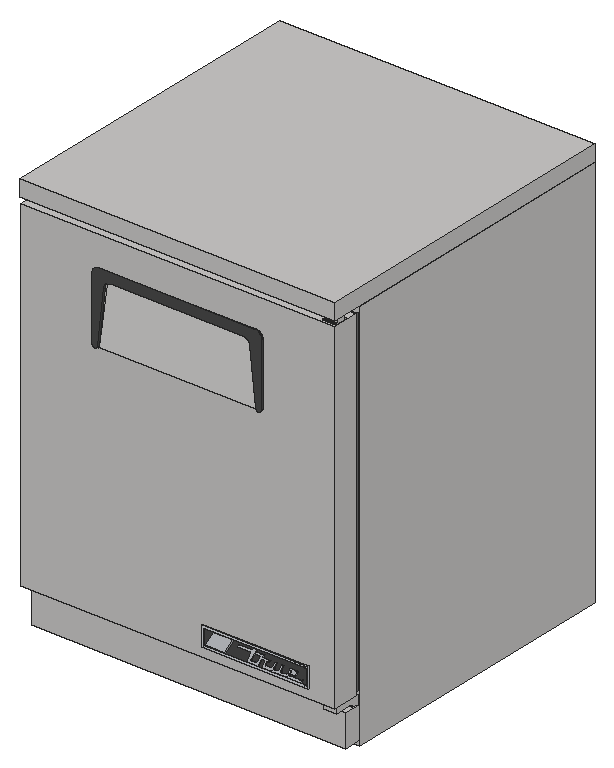
Revit family "QF_TRUE_TUC-24-HC_cat", category Specialty Equipment, Revit 2016
Family settings
  Part Type = Normal
  Round Connector Dimension = Use Diameter
  Work Plane-Based = No
  Always vertical = Yes
  Cut with Voids When Loaded = No
  Shared = No
  Room Calculation Point = No
Parameters
  Weight in Pounds = 155
  Watts = Volts * FL Amps  # 230 W
  Volts = 115 V
  URL Cutsheet = "www.truemfg.com"
  URL = "www.truemfg.com"
  Type Mark [instance] = ""
  Status [instance] = ""
  Specification by User [instance] = ""
  Specification by Manufacturer = ""
  Show Logo [instance] = yes
  Show Clearance [instance] = yes
  Serial Number = ""
  Seismic Rating = ""
  SMACNA No = ""
  Revision Code [instance] = ""
  Phase = 1
  Omniclass Number and Title = ""
  Number of Poles [instance] = 1
  NAFEM Spec ID Number = ""
  Model = "TUC-24-HC"
  Min Ckt Ampacity = 0 A
  Max Overcurrent Protection = 0 A
  Masterspec = ""
  Manufacturer = "TRUE"
  Length = 24"
  Item Number [instance] = ""
  Installed By [instance] = ""
  Identify Quantity as Lot [instance] = yes
  Height = 31 17/32"
  HP = "1/6"
  Furnished By [instance] = ""
  Foodservice Equipment Identifier [instance] = yes
  FL Amps = 2 A
  Electrical Remarks = ""
  Electric Connection Type [instance] = ""
  Elec Conn RI Height [instance] = 0"
  Elec Conn Connection Height [instance] = 0"
  Description = "SOLID DOOR REFRIGERATOR WITH HYDROCARBON REFRIGERANT"
  Depth = 25 11/16"
  Cycle = 60 Hz
  Conn Plug = "NEMA 5-15P"
  Conn Conduit = yes
  CSI MasterFormat = ""
  CSI Master Format = ""
  Base Height = 25 11/16"
  Apparent Power = if(Phase = 3, Volts * FL Amps * 1.73, Volts * FL Amps)  # 230 VA
Reference planes (in)
  plane 1 "BACK": y = 0
  plane 2: z = 0
  plane 3 "LEFT": x = 0
  plane 4 "RIGHT": x = 24
  plane 5 "FRONT": y = -27.375
  plane 6 "TOP": z = 32.621
  plane 7 "Center Y": x = 12
  plane 8 "Center X": y = -13.6875
  plane 9: y = -48.40625
  plane 10: y = -1
  plane 11: y = -25.6875
  plane 12: z = 0.28125
  plane 13: z = 31.53125
  plane 14: z = 27.63
  plane 15: z = 22.15093
Forms (in)
  Extrusion 1, solid, material "QF_Metal-Stainless-Polished Brushed"
    sketch origin (0, 0, 0) x (0, 1, 0) y (0, 0, 1)
      loop
        line (-1, 30.3125) -> (-1, 31.53125) -> (-25.6875, 31.53125) -> (-25.6875, 30.3125) -> (-1, 30.3125)
      loop
        line (-23.3125, 30.2185) -> (-23.3125, 0.28125) -> (-1, 0.28125) -> (-1, 30.2185) -> (-23.3125, 30.2185)
    from 0 to 24
  Extrusion 2, void
    sketch origin (0, 0, 0) x (1, 0, 0) y (0, 0, 1)
      loop
        line (22.6375, 29.35975) -> (1.3625, 29.35975) -> (1.3625, 5.14725) -> (22.6375, 5.14725) -> (22.6375, 29.35975)
    from 3 to 23.3125
  Extrusion 3, solid, material "QF_Metal-Stainless-Polished Brushed"
    sketch origin (0, 0, 0) x (0, 1, 0) y (0, 0, 1)
      loop
        line (-11.64993, 0.621) -> (-11.64993, 0.216) -> (-1.2329, 0.216) -> (-1.2329, 0.621) -> (-11.64993, 0.621)
    from 1.1125 to 22.8875
  Extrusion 4, solid, material "QF_Plastic-Black-Smooth"
    sketch origin (0.35937, 0, 0) x (0, 1, 0) y (0, 0, 1)
      loop
        line (-2.38861, 0.621) -> (-4.20219, 0.621)
        arc (-4.20219, 0.621) -> (-3.2954, -0.03266) -> (-2.38861, 0.621) r 0.9558
    from 1.67353 to 2.40616
  Extrusion 5, solid, material "QF_Plastic-Black-Smooth"
    sketch origin (23.64062, 0, -0.07109) x (0, 1, 0) y (0, 0, -1)
      loop
        arc (-2.36417, -0.69209) -> (-3.2954, 0.00001) -> (-4.22663, -0.69209) r 0.97254
        line (-4.22663, -0.69209) -> (-2.36417, -0.69209)
    from 1.67353 to 2.40616
  Revolve 6, solid, material "QF_Metal-Stainless-Polished Brushed"
    sketch origin (2.4375, -0.5625, 0) x (0, 1, 0) y (0, 0, 1)
      loop
        line (-21.68012, 0) -> (-21.68012, 0.591) -> (-22.13748, 0.591) -> (-22.13748, 0.5) -> (-21.91809, 0.5) -> (-21.91809, 0.3153) -> (-22.46202, 0.3153) -> (-22.46202, 0.0921)
        arc (-22.46202, 0.0921) -> (-22.43504, 0.02697) -> (-22.36992, 0) r 0.0921
        line (-22.36992, 0) -> (-21.68012, 0)
      axis (-21.68012, 0) -> (-21.68012, 0.591)
    angle from 0 to 360
  Revolve 7, solid, material "QF_Metal-Stainless-Polished Brushed"
    sketch origin (21.5625, -0.5625, 0) x (0, 1, 0) y (0, 0, -1)
      loop
        line (-21.68012, 0) -> (-22.36992, 0)
        arc (-22.36992, 0) -> (-22.43504, -0.02697) -> (-22.46202, -0.0921) r 0.0921
        line (-22.46202, -0.0921) -> (-22.46202, -0.3153) -> (-21.91809, -0.3153) -> (-21.91809, -0.5) -> (-22.13748, -0.5) -> (-22.13748, -0.591) -> (-21.68012, -0.591) -> (-21.68012, 0)
      axis (-21.68012, 0) -> (-21.68012, -0.591)
    angle from 0 to 360
  Extrusion 8, solid, material "QF_Door-Drawer Clearances", visible <- "Show Clearance", detail levels coarse
    sketch origin (0, 0, 0) x (1, 0, 0) y (0, 1, 0)
      loop
        arc (0.0585, -25.6875) -> (7.472, -41.79893) -> (23.9375, -48.38875) r 23.94162
        line (23.9375, -48.38875) -> (23.9375, -25.6875) -> (0.0585, -25.6875)
    from 3.84725 to 29.85125
  Extrusion 9, solid, material "QF_Metal-Stainless-Polished Brushed"
    sketch origin (0, -1, 0.55813) x (0, 0, 1) y (1, 0, 0)
      loop
        circle (1.77074, 21.01061) r 0.5
    from 0 to 0.0625
  Extrusion 10, solid, material "QF_Metal-Stainless-Polished Brushed"
    sketch origin (0, 0, 0) x (1, 0, 0) y (0, 0, 1)
      loop
        line (23.9375, 29.85125) -> (0.0625, 29.85125) -> (0.0625, 3.84725) -> (23.9375, 3.84725) -> (23.9375, 29.85125)
    from 23.6095 to 25.6875
  Extrusion 11, solid, material "QF_Metal-Stainless-Polished Brushed"
    sketch origin (0, 0, -0.8085) x (0, 1, 0) y (0, 0, 1)
      loop
        arc (-25.21875, 4.55025) -> (-25.26294, 4.53194) -> (-25.28125, 4.48775) r 0.0625
        line (-25.28125, 4.48775) -> (-25.28125, 4.11275) -> (-23.9375, 4.11275)
        arc (-23.9375, 4.11275) -> (-23.80492, 4.05783) -> (-23.75, 3.92525) r 0.1875
        line (-23.75, 3.92525) -> (-23.75, 3.87296) -> (-23.3125, 3.87296) -> (-23.3125, 4.55025) -> (-24.625, 4.55025) -> (-24.625, 4.70575) -> (-25.17667, 4.70575) -> (-25.17667, 4.55025) -> (-25.21875, 4.55025)
      loop
        line (-25.4385, 30.65975) -> (-24.45412, 30.65975) -> (-24.45412, 30.74128) -> (-24.62419, 30.74128) -> (-24.62419, 31.016) -> (-25.25377, 31.016) -> (-25.25377, 30.71912) -> (-25.4385, 30.71912) -> (-25.4385, 30.65975)
    from 22.82527 to 23.8216
  Extrusion 12, solid, material "QF_Metal-Stainless-Polished Brushed"
    sketch origin (0, -24.60753, 3.06446) x (0, 0, -1) y (1, 0, 0)
      loop
        line (-0.56244, 22.59908) -> (-0.56244, 0.05635) -> (2.38736, 0.05635) -> (2.38736, 23.94365) -> (0, 23.94365) -> (0, 22.59908) -> (-0.56244, 22.59908)
    from -1.37303 to 0
  Revolve 13, solid, material "QF_Plastic-Black-Smooth"
    sketch origin (0, 0, 20.5) x (1, 0, 0) y (0, 1, 0)
      loop
        line (18.60979, -1) -> (19.10979, -1) -> (19.10979, -0.45325)
        arc (19.10979, -0.45325) -> (19.03142, -0.1845) -> (18.82089, 0) r 0.5
        line (18.82089, 0) -> (18.60979, 0) -> (18.60979, -1)
      axis (18.60979, -1) -> (18.60979, 0)
    angle from 0 to 360
  Revolve 14, solid, material "QF_Plastic-Black-Smooth"
    sketch origin (-13.21959, 0, 20.5) x (1, 0, 0) y (0, 1, 0)
      loop
        line (18.60979, -1) -> (19.10979, -1) -> (19.10979, -0.45325)
        arc (19.10979, -0.45325) -> (19.03142, -0.1845) -> (18.82089, 0) r 0.5
        line (18.82089, 0) -> (18.60979, 0) -> (18.60979, -1)
      axis (18.60979, -1) -> (18.60979, 0)
    angle from 0 to 360
  Extrusion 15, solid, material "QF_Rubber - Black - Smooth"
    sketch origin (0, -23.3125, 31.027) x (0, 0, -1) y (1, 0, 0)
      loop
        line (1.30075, 23.8125) -> (1.30075, 0.1875) -> (27.05475, 0.1875) -> (27.05475, 23.8125) -> (1.30075, 23.8125)
      loop
        line (3.55075, 21.5625) -> (3.55075, 2.4375) -> (24.80475, 2.4375) -> (24.80475, 21.5625) -> (3.55075, 21.5625)
    from 0 to 0.297
  Extrusion 16, void
    sketch origin (12, 6.90541, 48) x (0, -1, 0) y (0, 0, 1)
      loop
        line (32.59291, -20.37) -> (31.52391, -20.37) -> (32.59291, -25.84907) -> (32.59291, -20.37)
    from -6 to 6
  Extrusion 17, solid, material "QF_Plastic - Black - Matte"
    sketch origin (0, -25.6875, 0) x (1, 0, 0) y (0, 0, 1)
      loop
        line (5.52833, 27.13) -> (5.52833, 22.36054)
        arc (5.52833, 22.36054) -> (5.74774, 22.11831) -> (6.01044, 22.31274) r 0.24342
        line (6.01044, 22.31274) -> (6.44945, 26.42717)
        arc (6.44945, 26.42717) -> (6.61215, 26.74648) -> (6.94671, 26.87491) r 0.5
        line (6.94671, 26.87491) -> (17.05329, 26.87491)
        arc (17.05329, 26.87491) -> (17.38785, 26.74648) -> (17.55055, 26.42717) r 0.5
        line (17.55055, 26.42717) -> (17.98956, 22.31274)
        arc (17.98956, 22.31274) -> (18.25226, 22.11831) -> (18.47166, 22.36054) r 0.24342
        line (18.47166, 22.36054) -> (18.47166, 27.13)
        arc (18.47166, 27.13) -> (18.32522, 27.48356) -> (17.97166, 27.63) r 0.5
        line (17.97166, 27.63) -> (6.02833, 27.63)
        arc (6.02833, 27.63) -> (5.67478, 27.48356) -> (5.52833, 27.13) r 0.5
    from 0 to 0.0625
Cuts and joins
  Extrusion 2 cuts Extrusion 1
  Extrusion 16 cuts Extrusion 8
  Extrusion 16 cuts Extrusion 10
Lines and regions (in)
  Split face 1
    outline origin (0, -24.60753, 3.06446) x (0, 0, -1) y (1, 0, 0)
      loop
        line (-0.36879, 2.37377) -> (-0.36879, 1.87377) -> (0.13121, 1.87377) -> (0.13121, 2.37377) -> (-0.36879, 2.37377)
  Split face 2
    outline origin (0, -24.60753, 2.37696) x (0, 0, -1) y (1, 0, 0)
      loop
        line (-0.36879, 2.37377) -> (-0.36879, 1.87377) -> (0.13121, 1.87377) -> (0.13121, 2.37377) -> (-0.36879, 2.37377)
  Split face 3
    outline origin (0, -24.60753, 1.68946) x (0, 0, -1) y (1, 0, 0)
      loop
        line (-0.36879, 2.37377) -> (-0.36879, 1.87377) -> (0.13121, 1.87377) -> (0.13121, 2.37377) -> (-0.36879, 2.37377)
  Split face 4
    outline origin (0, -24.60753, 1.00196) x (0, 0, -1) y (1, 0, 0)
      loop
        line (-0.36879, 2.37377) -> (-0.36879, 1.87377) -> (0.13121, 1.87377) -> (0.13121, 2.37377) -> (-0.36879, 2.37377)
  Split face 5
    outline origin (1.375, -24.60753, 3.06446) x (0, 0, -1) y (1, 0, 0)
      loop
        line (-0.36879, 2.37377) -> (-0.36879, 1.87377) -> (0.13121, 1.87377) -> (0.13121, 2.37377) -> (-0.36879, 2.37377)
  Split face 6
    outline origin (1.375, -24.60753, 2.37696) x (0, 0, -1) y (1, 0, 0)
      loop
        line (-0.36879, 2.37377) -> (-0.36879, 1.87377) -> (0.13121, 1.87377) -> (0.13121, 2.37377) -> (-0.36879, 2.37377)
  Split face 7
    outline origin (1.375, -24.60753, 1.68946) x (0, 0, -1) y (1, 0, 0)
      loop
        line (-0.36879, 2.37377) -> (-0.36879, 1.87377) -> (0.13121, 1.87377) -> (0.13121, 2.37377) -> (-0.36879, 2.37377)
  Split face 8
    outline origin (1.375, -24.60753, 1.00196) x (0, 0, -1) y (1, 0, 0)
      loop
        line (-0.36879, 2.37377) -> (-0.36879, 1.87377) -> (0.13121, 1.87377) -> (0.13121, 2.37377) -> (-0.36879, 2.37377)
  Split face 9
    outline origin (2.75, -24.60753, 3.06446) x (0, 0, -1) y (1, 0, 0)
      loop
        line (-0.36879, 2.37377) -> (-0.36879, 1.87377) -> (0.13121, 1.87377) -> (0.13121, 2.37377) -> (-0.36879, 2.37377)
  Split face 10
    outline origin (2.75, -24.60753, 2.37696) x (0, 0, -1) y (1, 0, 0)
      loop
        line (-0.36879, 2.37377) -> (-0.36879, 1.87377) -> (0.13121, 1.87377) -> (0.13121, 2.37377) -> (-0.36879, 2.37377)
  Split face 11
    outline origin (2.75, -24.60753, 1.68946) x (0, 0, -1) y (1, 0, 0)
      loop
        line (-0.36879, 2.37377) -> (-0.36879, 1.87377) -> (0.13121, 1.87377) -> (0.13121, 2.37377) -> (-0.36879, 2.37377)
  Split face 12
    outline origin (2.75, -24.60753, 1.00196) x (0, 0, -1) y (1, 0, 0)
      loop
        line (-0.36879, 2.37377) -> (-0.36879, 1.87377) -> (0.13121, 1.87377) -> (0.13121, 2.37377) -> (-0.36879, 2.37377)
  Split face 13
    outline origin (4.125, -24.60753, 3.06446) x (0, 0, -1) y (1, 0, 0)
      loop
        line (-0.36879, 2.37377) -> (-0.36879, 1.87377) -> (0.13121, 1.87377) -> (0.13121, 2.37377) -> (-0.36879, 2.37377)
  Split face 14
    outline origin (4.125, -24.60753, 2.37696) x (0, 0, -1) y (1, 0, 0)
      loop
        line (-0.36879, 2.37377) -> (-0.36879, 1.87377) -> (0.13121, 1.87377) -> (0.13121, 2.37377) -> (-0.36879, 2.37377)
  Split face 15
    outline origin (4.125, -24.60753, 1.68946) x (0, 0, -1) y (1, 0, 0)
      loop
        line (-0.36879, 2.37377) -> (-0.36879, 1.87377) -> (0.13121, 1.87377) -> (0.13121, 2.37377) -> (-0.36879, 2.37377)
  Split face 16
    outline origin (4.125, -24.60753, 1.00196) x (0, 0, -1) y (1, 0, 0)
      loop
        line (-0.36879, 2.37377) -> (-0.36879, 1.87377) -> (0.13121, 1.87377) -> (0.13121, 2.37377) -> (-0.36879, 2.37377)
  Split face 17
    outline origin (5.5, -24.60753, 3.06446) x (0, 0, -1) y (1, 0, 0)
      loop
        line (-0.36879, 2.37377) -> (-0.36879, 1.87377) -> (0.13121, 1.87377) -> (0.13121, 2.37377) -> (-0.36879, 2.37377)
  Split face 18
    outline origin (5.5, -24.60753, 2.37696) x (0, 0, -1) y (1, 0, 0)
      loop
        line (-0.36879, 2.37377) -> (-0.36879, 1.87377) -> (0.13121, 1.87377) -> (0.13121, 2.37377) -> (-0.36879, 2.37377)
  Split face 19
    outline origin (5.5, -24.60753, 1.68946) x (0, 0, -1) y (1, 0, 0)
      loop
        line (-0.36879, 2.37377) -> (-0.36879, 1.87377) -> (0.13121, 1.87377) -> (0.13121, 2.37377) -> (-0.36879, 2.37377)
  Split face 20
    outline origin (5.5, -24.60753, 1.00196) x (0, 0, -1) y (1, 0, 0)
      loop
        line (-0.36879, 2.37377) -> (-0.36879, 1.87377) -> (0.13121, 1.87377) -> (0.13121, 2.37377) -> (-0.36879, 2.37377)
  Split face 21
    outline origin (6.875, -24.60753, 3.06446) x (0, 0, -1) y (1, 0, 0)
      loop
        line (-0.36879, 2.37377) -> (-0.36879, 1.87377) -> (0.13121, 1.87377) -> (0.13121, 2.37377) -> (-0.36879, 2.37377)
  Split face 22
    outline origin (6.875, -24.60753, 2.37696) x (0, 0, -1) y (1, 0, 0)
      loop
        line (-0.36879, 2.37377) -> (-0.36879, 1.87377) -> (0.13121, 1.87377) -> (0.13121, 2.37377) -> (-0.36879, 2.37377)
  Split face 23
    outline origin (6.875, -24.60753, 1.68946) x (0, 0, -1) y (1, 0, 0)
      loop
        line (-0.36879, 2.37377) -> (-0.36879, 1.87377) -> (0.13121, 1.87377) -> (0.13121, 2.37377) -> (-0.36879, 2.37377)
  Split face 24
    outline origin (6.875, -24.60753, 1.00196) x (0, 0, -1) y (1, 0, 0)
      loop
        line (-0.36879, 2.37377) -> (-0.36879, 1.87377) -> (0.13121, 1.87377) -> (0.13121, 2.37377) -> (-0.36879, 2.37377)
  Split face 25
    outline origin (8.25, -24.60753, 3.06446) x (0, 0, -1) y (1, 0, 0)
      loop
        line (-0.36879, 2.37377) -> (-0.36879, 1.87377) -> (0.13121, 1.87377) -> (0.13121, 2.37377) -> (-0.36879, 2.37377)
  Split face 26
    outline origin (8.25, -24.60753, 2.37696) x (0, 0, -1) y (1, 0, 0)
      loop
        line (-0.36879, 2.37377) -> (-0.36879, 1.87377) -> (0.13121, 1.87377) -> (0.13121, 2.37377) -> (-0.36879, 2.37377)
  Split face 27
    outline origin (8.25, -24.60753, 1.68946) x (0, 0, -1) y (1, 0, 0)
      loop
        line (-0.36879, 2.37377) -> (-0.36879, 1.87377) -> (0.13121, 1.87377) -> (0.13121, 2.37377) -> (-0.36879, 2.37377)
  Split face 28
    outline origin (8.25, -24.60753, 1.00196) x (0, 0, -1) y (1, 0, 0)
      loop
        line (-0.36879, 2.37377) -> (-0.36879, 1.87377) -> (0.13121, 1.87377) -> (0.13121, 2.37377) -> (-0.36879, 2.37377)
  Split face 29
    outline origin (11.503, -24.60753, 3.06446) x (0, 0, -1) y (1, 0, 0)
      loop
        line (-0.36879, 2.37377) -> (-0.36879, 1.87377) -> (0.13121, 1.87377) -> (0.13121, 2.37377) -> (-0.36879, 2.37377)
  Split face 30
    outline origin (11.503, -24.60753, 2.37696) x (0, 0, -1) y (1, 0, 0)
      loop
        line (-0.36879, 2.37377) -> (-0.36879, 1.87377) -> (0.13121, 1.87377) -> (0.13121, 2.37377) -> (-0.36879, 2.37377)
  Split face 31
    outline origin (11.503, -24.60753, 1.68946) x (0, 0, -1) y (1, 0, 0)
      loop
        line (-0.36879, 2.37377) -> (-0.36879, 1.87377) -> (0.13121, 1.87377) -> (0.13121, 2.37377) -> (-0.36879, 2.37377)
  Split face 32
    outline origin (11.503, -24.60753, 1.00196) x (0, 0, -1) y (1, 0, 0)
      loop
        line (-0.36879, 2.37377) -> (-0.36879, 1.87377) -> (0.13121, 1.87377) -> (0.13121, 2.37377) -> (-0.36879, 2.37377)
  Split face 33
    outline origin (12.878, -24.60753, 3.06446) x (0, 0, -1) y (1, 0, 0)
      loop
        line (-0.36879, 2.37377) -> (-0.36879, 1.87377) -> (0.13121, 1.87377) -> (0.13121, 2.37377) -> (-0.36879, 2.37377)
  Split face 34
    outline origin (12.878, -24.60753, 2.37696) x (0, 0, -1) y (1, 0, 0)
      loop
        line (-0.36879, 2.37377) -> (-0.36879, 1.87377) -> (0.13121, 1.87377) -> (0.13121, 2.37377) -> (-0.36879, 2.37377)
  Split face 35
    outline origin (12.878, -24.60753, 1.68946) x (0, 0, -1) y (1, 0, 0)
      loop
        line (-0.36879, 2.37377) -> (-0.36879, 1.87377) -> (0.13121, 1.87377) -> (0.13121, 2.37377) -> (-0.36879, 2.37377)
  Split face 36
    outline origin (12.878, -24.60753, 1.00196) x (0, 0, -1) y (1, 0, 0)
      loop
        line (-0.36879, 2.37377) -> (-0.36879, 1.87377) -> (0.13121, 1.87377) -> (0.13121, 2.37377) -> (-0.36879, 2.37377)
  Split face 37
    outline origin (14.253, -24.60753, 3.06446) x (0, 0, -1) y (1, 0, 0)
      loop
        line (-0.36879, 2.37377) -> (-0.36879, 1.87377) -> (0.13121, 1.87377) -> (0.13121, 2.37377) -> (-0.36879, 2.37377)
  Split face 38
    outline origin (14.253, -24.60753, 2.37696) x (0, 0, -1) y (1, 0, 0)
      loop
        line (-0.36879, 2.37377) -> (-0.36879, 1.87377) -> (0.13121, 1.87377) -> (0.13121, 2.37377) -> (-0.36879, 2.37377)
  Split face 39
    outline origin (14.253, -24.60753, 1.68946) x (0, 0, -1) y (1, 0, 0)
      loop
        line (-0.36879, 2.37377) -> (-0.36879, 1.87377) -> (0.13121, 1.87377) -> (0.13121, 2.37377) -> (-0.36879, 2.37377)
  Split face 40
    outline origin (14.253, -24.60753, 1.00196) x (0, 0, -1) y (1, 0, 0)
      loop
        line (-0.36879, 2.37377) -> (-0.36879, 1.87377) -> (0.13121, 1.87377) -> (0.13121, 2.37377) -> (-0.36879, 2.37377)
  Split face 41
    outline origin (15.628, -24.60753, 3.06446) x (0, 0, -1) y (1, 0, 0)
      loop
        line (-0.36879, 2.37377) -> (-0.36879, 1.87377) -> (0.13121, 1.87377) -> (0.13121, 2.37377) -> (-0.36879, 2.37377)
  Split face 42
    outline origin (15.628, -24.60753, 2.37696) x (0, 0, -1) y (1, 0, 0)
      loop
        line (-0.36879, 2.37377) -> (-0.36879, 1.87377) -> (0.13121, 1.87377) -> (0.13121, 2.37377) -> (-0.36879, 2.37377)
  Split face 43
    outline origin (15.628, -24.60753, 1.68946) x (0, 0, -1) y (1, 0, 0)
      loop
        line (-0.36879, 2.37377) -> (-0.36879, 1.87377) -> (0.13121, 1.87377) -> (0.13121, 2.37377) -> (-0.36879, 2.37377)
  Split face 44
    outline origin (15.628, -24.60753, 1.00196) x (0, 0, -1) y (1, 0, 0)
      loop
        line (-0.36879, 2.37377) -> (-0.36879, 1.87377) -> (0.13121, 1.87377) -> (0.13121, 2.37377) -> (-0.36879, 2.37377)
  Split face 45
    outline origin (17.003, -24.60753, 3.06446) x (0, 0, -1) y (1, 0, 0)
      loop
        line (-0.36879, 2.37377) -> (-0.36879, 1.87377) -> (0.13121, 1.87377) -> (0.13121, 2.37377) -> (-0.36879, 2.37377)
  Split face 46
    outline origin (17.003, -24.60753, 2.37696) x (0, 0, -1) y (1, 0, 0)
      loop
        line (-0.36879, 2.37377) -> (-0.36879, 1.87377) -> (0.13121, 1.87377) -> (0.13121, 2.37377) -> (-0.36879, 2.37377)
  Split face 47
    outline origin (17.003, -24.60753, 1.68946) x (0, 0, -1) y (1, 0, 0)
      loop
        line (-0.36879, 2.37377) -> (-0.36879, 1.87377) -> (0.13121, 1.87377) -> (0.13121, 2.37377) -> (-0.36879, 2.37377)
  Split face 48
    outline origin (17.003, -24.60753, 1.00196) x (0, 0, -1) y (1, 0, 0)
      loop
        line (-0.36879, 2.37377) -> (-0.36879, 1.87377) -> (0.13121, 1.87377) -> (0.13121, 2.37377) -> (-0.36879, 2.37377)
  Split face 49
    outline origin (18.378, -24.60753, 3.06446) x (0, 0, -1) y (1, 0, 0)
      loop
        line (-0.36879, 2.37377) -> (-0.36879, 1.87377) -> (0.13121, 1.87377) -> (0.13121, 2.37377) -> (-0.36879, 2.37377)
  Split face 50
    outline origin (18.378, -24.60753, 2.37696) x (0, 0, -1) y (1, 0, 0)
      loop
        line (-0.36879, 2.37377) -> (-0.36879, 1.87377) -> (0.13121, 1.87377) -> (0.13121, 2.37377) -> (-0.36879, 2.37377)
  Split face 51
    outline origin (18.378, -24.60753, 1.68946) x (0, 0, -1) y (1, 0, 0)
      loop
        line (-0.36879, 2.37377) -> (-0.36879, 1.87377) -> (0.13121, 1.87377) -> (0.13121, 2.37377) -> (-0.36879, 2.37377)
  Split face 52
    outline origin (18.378, -24.60753, 1.00196) x (0, 0, -1) y (1, 0, 0)
      loop
        line (-0.36879, 2.37377) -> (-0.36879, 1.87377) -> (0.13121, 1.87377) -> (0.13121, 2.37377) -> (-0.36879, 2.37377)
  Split face 53
    outline origin (19.753, -24.60753, 3.06446) x (0, 0, -1) y (1, 0, 0)
      loop
        line (-0.36879, 2.37377) -> (-0.36879, 1.87377) -> (0.13121, 1.87377) -> (0.13121, 2.37377) -> (-0.36879, 2.37377)
  Split face 54
    outline origin (19.753, -24.60753, 2.37696) x (0, 0, -1) y (1, 0, 0)
      loop
        line (-0.36879, 2.37377) -> (-0.36879, 1.87377) -> (0.13121, 1.87377) -> (0.13121, 2.37377) -> (-0.36879, 2.37377)
  Split face 55
    outline origin (19.753, -24.60753, 1.68946) x (0, 0, -1) y (1, 0, 0)
      loop
        line (-0.36879, 2.37377) -> (-0.36879, 1.87377) -> (0.13121, 1.87377) -> (0.13121, 2.37377) -> (-0.36879, 2.37377)
  Split face 56
    outline origin (19.753, -24.60753, 1.00196) x (0, 0, -1) y (1, 0, 0)
      loop
        line (-0.36879, 2.37377) -> (-0.36879, 1.87377) -> (0.13121, 1.87377) -> (0.13121, 2.37377) -> (-0.36879, 2.37377)
  Split face 57
    outline origin (0.6875, -24.60753, 3.06446) x (0, 0, -1) y (1, 0, 0)
      loop
        line (-0.36879, 2.37377) -> (-0.36879, 1.87377) -> (0.13121, 1.87377) -> (0.13121, 2.37377) -> (-0.36879, 2.37377)
  Split face 58
    outline origin (0.6875, -24.60753, 2.37696) x (0, 0, -1) y (1, 0, 0)
      loop
        line (-0.36879, 2.37377) -> (-0.36879, 1.87377) -> (0.13121, 1.87377) -> (0.13121, 2.37377) -> (-0.36879, 2.37377)
  Split face 59
    outline origin (0.6875, -24.60753, 1.68946) x (0, 0, -1) y (1, 0, 0)
      loop
        line (-0.36879, 2.37377) -> (-0.36879, 1.87377) -> (0.13121, 1.87377) -> (0.13121, 2.37377) -> (-0.36879, 2.37377)
  Split face 60
    outline origin (0.6875, -24.60753, 1.00196) x (0, 0, -1) y (1, 0, 0)
      loop
        line (-0.36879, 2.37377) -> (-0.36879, 1.87377) -> (0.13121, 1.87377) -> (0.13121, 2.37377) -> (-0.36879, 2.37377)
  Split face 61
    outline origin (2.0625, -24.60753, 3.06446) x (0, 0, -1) y (1, 0, 0)
      loop
        line (-0.36879, 2.37377) -> (-0.36879, 1.87377) -> (0.13121, 1.87377) -> (0.13121, 2.37377) -> (-0.36879, 2.37377)
  Split face 62
    outline origin (2.0625, -24.60753, 2.37696) x (0, 0, -1) y (1, 0, 0)
      loop
        line (-0.36879, 2.37377) -> (-0.36879, 1.87377) -> (0.13121, 1.87377) -> (0.13121, 2.37377) -> (-0.36879, 2.37377)
  Split face 63
    outline origin (2.0625, -24.60753, 1.68946) x (0, 0, -1) y (1, 0, 0)
      loop
        line (-0.36879, 2.37377) -> (-0.36879, 1.87377) -> (0.13121, 1.87377) -> (0.13121, 2.37377) -> (-0.36879, 2.37377)
  Split face 64
    outline origin (2.0625, -24.60753, 1.00196) x (0, 0, -1) y (1, 0, 0)
      loop
        line (-0.36879, 2.37377) -> (-0.36879, 1.87377) -> (0.13121, 1.87377) -> (0.13121, 2.37377) -> (-0.36879, 2.37377)
  Split face 65
    outline origin (3.4375, -24.60753, 3.06446) x (0, 0, -1) y (1, 0, 0)
      loop
        line (-0.36879, 2.37377) -> (-0.36879, 1.87377) -> (0.13121, 1.87377) -> (0.13121, 2.37377) -> (-0.36879, 2.37377)
  Split face 66
    outline origin (3.4375, -24.60753, 2.37696) x (0, 0, -1) y (1, 0, 0)
      loop
        line (-0.36879, 2.37377) -> (-0.36879, 1.87377) -> (0.13121, 1.87377) -> (0.13121, 2.37377) -> (-0.36879, 2.37377)
  Split face 67
    outline origin (3.4375, -24.60753, 1.68946) x (0, 0, -1) y (1, 0, 0)
      loop
        line (-0.36879, 2.37377) -> (-0.36879, 1.87377) -> (0.13121, 1.87377) -> (0.13121, 2.37377) -> (-0.36879, 2.37377)
  Split face 68
    outline origin (3.4375, -24.60753, 1.00196) x (0, 0, -1) y (1, 0, 0)
      loop
        line (-0.36879, 2.37377) -> (-0.36879, 1.87377) -> (0.13121, 1.87377) -> (0.13121, 2.37377) -> (-0.36879, 2.37377)
  Split face 69
    outline origin (4.8125, -24.60753, 3.06446) x (0, 0, -1) y (1, 0, 0)
      loop
        line (-0.36879, 2.37377) -> (-0.36879, 1.87377) -> (0.13121, 1.87377) -> (0.13121, 2.37377) -> (-0.36879, 2.37377)
  Split face 70
    outline origin (4.8125, -24.60753, 2.37696) x (0, 0, -1) y (1, 0, 0)
      loop
        line (-0.36879, 2.37377) -> (-0.36879, 1.87377) -> (0.13121, 1.87377) -> (0.13121, 2.37377) -> (-0.36879, 2.37377)
  Split face 71
    outline origin (4.8125, -24.60753, 1.68946) x (0, 0, -1) y (1, 0, 0)
      loop
        line (-0.36879, 2.37377) -> (-0.36879, 1.87377) -> (0.13121, 1.87377) -> (0.13121, 2.37377) -> (-0.36879, 2.37377)
  Split face 72
    outline origin (4.8125, -24.60753, 1.00196) x (0, 0, -1) y (1, 0, 0)
      loop
        line (-0.36879, 2.37377) -> (-0.36879, 1.87377) -> (0.13121, 1.87377) -> (0.13121, 2.37377) -> (-0.36879, 2.37377)
  Split face 73
    outline origin (6.1875, -24.60753, 3.06446) x (0, 0, -1) y (1, 0, 0)
      loop
        line (-0.36879, 2.37377) -> (-0.36879, 1.87377) -> (0.13121, 1.87377) -> (0.13121, 2.37377) -> (-0.36879, 2.37377)
  Split face 74
    outline origin (6.1875, -24.60753, 2.37696) x (0, 0, -1) y (1, 0, 0)
      loop
        line (-0.36879, 2.37377) -> (-0.36879, 1.87377) -> (0.13121, 1.87377) -> (0.13121, 2.37377) -> (-0.36879, 2.37377)
  Split face 75
    outline origin (6.1875, -24.60753, 1.68946) x (0, 0, -1) y (1, 0, 0)
      loop
        line (-0.36879, 2.37377) -> (-0.36879, 1.87377) -> (0.13121, 1.87377) -> (0.13121, 2.37377) -> (-0.36879, 2.37377)
  Split face 76
    outline origin (6.1875, -24.60753, 1.00196) x (0, 0, -1) y (1, 0, 0)
      loop
        line (-0.36879, 2.37377) -> (-0.36879, 1.87377) -> (0.13121, 1.87377) -> (0.13121, 2.37377) -> (-0.36879, 2.37377)
  Split face 77
    outline origin (7.5625, -24.60753, 3.06446) x (0, 0, -1) y (1, 0, 0)
      loop
        line (-0.36879, 2.37377) -> (-0.36879, 1.87377) -> (0.13121, 1.87377) -> (0.13121, 2.37377) -> (-0.36879, 2.37377)
  Split face 78
    outline origin (7.5625, -24.60753, 2.37696) x (0, 0, -1) y (1, 0, 0)
      loop
        line (-0.36879, 2.37377) -> (-0.36879, 1.87377) -> (0.13121, 1.87377) -> (0.13121, 2.37377) -> (-0.36879, 2.37377)
  Split face 79
    outline origin (7.5625, -24.60753, 1.68946) x (0, 0, -1) y (1, 0, 0)
      loop
        line (-0.36879, 2.37377) -> (-0.36879, 1.87377) -> (0.13121, 1.87377) -> (0.13121, 2.37377) -> (-0.36879, 2.37377)
  Split face 80
    outline origin (7.5625, -24.60753, 1.00196) x (0, 0, -1) y (1, 0, 0)
      loop
        line (-0.36879, 2.37377) -> (-0.36879, 1.87377) -> (0.13121, 1.87377) -> (0.13121, 2.37377) -> (-0.36879, 2.37377)
  Split face 81
    outline origin (8.9375, -24.60753, 3.06446) x (0, 0, -1) y (1, 0, 0)
      loop
        line (-0.36879, 2.37377) -> (-0.36879, 1.87377) -> (0.13121, 1.87377) -> (0.13121, 2.37377) -> (-0.36879, 2.37377)
  Split face 82
    outline origin (8.9375, -24.60753, 2.37696) x (0, 0, -1) y (1, 0, 0)
      loop
        line (-0.36879, 2.37377) -> (-0.36879, 1.87377) -> (0.13121, 1.87377) -> (0.13121, 2.37377) -> (-0.36879, 2.37377)
  Split face 83
    outline origin (8.9375, -24.60753, 1.68946) x (0, 0, -1) y (1, 0, 0)
      loop
        line (-0.36879, 2.37377) -> (-0.36879, 1.87377) -> (0.13121, 1.87377) -> (0.13121, 2.37377) -> (-0.36879, 2.37377)
  Split face 84
    outline origin (8.9375, -24.60753, 1.00196) x (0, 0, -1) y (1, 0, 0)
      loop
        line (-0.36879, 2.37377) -> (-0.36879, 1.87377) -> (0.13121, 1.87377) -> (0.13121, 2.37377) -> (-0.36879, 2.37377)
  Split face 85
    outline origin (10.8155, -24.60753, 3.06446) x (0, 0, -1) y (1, 0, 0)
      loop
        line (-0.36879, 2.37377) -> (-0.36879, 1.87377) -> (0.13121, 1.87377) -> (0.13121, 2.37377) -> (-0.36879, 2.37377)
  Split face 86
    outline origin (10.8155, -24.60753, 2.37696) x (0, 0, -1) y (1, 0, 0)
      loop
        line (-0.36879, 2.37377) -> (-0.36879, 1.87377) -> (0.13121, 1.87377) -> (0.13121, 2.37377) -> (-0.36879, 2.37377)
  Split face 87
    outline origin (10.8155, -24.60753, 1.68946) x (0, 0, -1) y (1, 0, 0)
      loop
        line (-0.36879, 2.37377) -> (-0.36879, 1.87377) -> (0.13121, 1.87377) -> (0.13121, 2.37377) -> (-0.36879, 2.37377)
  Split face 88
    outline origin (10.8155, -24.60753, 1.00196) x (0, 0, -1) y (1, 0, 0)
      loop
        line (-0.36879, 2.37377) -> (-0.36879, 1.87377) -> (0.13121, 1.87377) -> (0.13121, 2.37377) -> (-0.36879, 2.37377)
  Split face 89
    outline origin (12.1905, -24.60753, 3.06446) x (0, 0, -1) y (1, 0, 0)
      loop
        line (-0.36879, 2.37377) -> (-0.36879, 1.87377) -> (0.13121, 1.87377) -> (0.13121, 2.37377) -> (-0.36879, 2.37377)
  Split face 90
    outline origin (12.1905, -24.60753, 2.37696) x (0, 0, -1) y (1, 0, 0)
      loop
        line (-0.36879, 2.37377) -> (-0.36879, 1.87377) -> (0.13121, 1.87377) -> (0.13121, 2.37377) -> (-0.36879, 2.37377)
  Split face 91
    outline origin (12.1905, -24.60753, 1.68946) x (0, 0, -1) y (1, 0, 0)
      loop
        line (-0.36879, 2.37377) -> (-0.36879, 1.87377) -> (0.13121, 1.87377) -> (0.13121, 2.37377) -> (-0.36879, 2.37377)
  Split face 92
    outline origin (12.1905, -24.60753, 1.00196) x (0, 0, -1) y (1, 0, 0)
      loop
        line (-0.36879, 2.37377) -> (-0.36879, 1.87377) -> (0.13121, 1.87377) -> (0.13121, 2.37377) -> (-0.36879, 2.37377)
  Split face 93
    outline origin (13.5655, -24.60753, 3.06446) x (0, 0, -1) y (1, 0, 0)
      loop
        line (-0.36879, 2.37377) -> (-0.36879, 1.87377) -> (0.13121, 1.87377) -> (0.13121, 2.37377) -> (-0.36879, 2.37377)
  Split face 94
    outline origin (13.5655, -24.60753, 2.37696) x (0, 0, -1) y (1, 0, 0)
      loop
        line (-0.36879, 2.37377) -> (-0.36879, 1.87377) -> (0.13121, 1.87377) -> (0.13121, 2.37377) -> (-0.36879, 2.37377)
  Split face 95
    outline origin (13.5655, -24.60753, 1.68946) x (0, 0, -1) y (1, 0, 0)
      loop
        line (-0.36879, 2.37377) -> (-0.36879, 1.87377) -> (0.13121, 1.87377) -> (0.13121, 2.37377) -> (-0.36879, 2.37377)
  Split face 96
    outline origin (13.5655, -24.60753, 1.00196) x (0, 0, -1) y (1, 0, 0)
      loop
        line (-0.36879, 2.37377) -> (-0.36879, 1.87377) -> (0.13121, 1.87377) -> (0.13121, 2.37377) -> (-0.36879, 2.37377)
  Split face 97
    outline origin (14.9405, -24.60753, 3.06446) x (0, 0, -1) y (1, 0, 0)
      loop
        line (-0.36879, 2.37377) -> (-0.36879, 1.87377) -> (0.13121, 1.87377) -> (0.13121, 2.37377) -> (-0.36879, 2.37377)
  Split face 98
    outline origin (14.9405, -24.60753, 2.37696) x (0, 0, -1) y (1, 0, 0)
      loop
        line (-0.36879, 2.37377) -> (-0.36879, 1.87377) -> (0.13121, 1.87377) -> (0.13121, 2.37377) -> (-0.36879, 2.37377)
  Split face 99
    outline origin (14.9405, -24.60753, 1.68946) x (0, 0, -1) y (1, 0, 0)
      loop
        line (-0.36879, 2.37377) -> (-0.36879, 1.87377) -> (0.13121, 1.87377) -> (0.13121, 2.37377) -> (-0.36879, 2.37377)
  Split face 100
    outline origin (14.9405, -24.60753, 1.00196) x (0, 0, -1) y (1, 0, 0)
      loop
        line (-0.36879, 2.37377) -> (-0.36879, 1.87377) -> (0.13121, 1.87377) -> (0.13121, 2.37377) -> (-0.36879, 2.37377)
  Split face 101
    outline origin (16.3155, -24.60753, 3.06446) x (0, 0, -1) y (1, 0, 0)
      loop
        line (-0.36879, 2.37377) -> (-0.36879, 1.87377) -> (0.13121, 1.87377) -> (0.13121, 2.37377) -> (-0.36879, 2.37377)
  Split face 102
    outline origin (16.3155, -24.60753, 2.37696) x (0, 0, -1) y (1, 0, 0)
      loop
        line (-0.36879, 2.37377) -> (-0.36879, 1.87377) -> (0.13121, 1.87377) -> (0.13121, 2.37377) -> (-0.36879, 2.37377)
  Split face 103
    outline origin (16.3155, -24.60753, 1.68946) x (0, 0, -1) y (1, 0, 0)
      loop
        line (-0.36879, 2.37377) -> (-0.36879, 1.87377) -> (0.13121, 1.87377) -> (0.13121, 2.37377) -> (-0.36879, 2.37377)
  Split face 104
    outline origin (16.3155, -24.60753, 1.00196) x (0, 0, -1) y (1, 0, 0)
      loop
        line (-0.36879, 2.37377) -> (-0.36879, 1.87377) -> (0.13121, 1.87377) -> (0.13121, 2.37377) -> (-0.36879, 2.37377)
  Split face 105
    outline origin (17.6905, -24.60753, 3.06446) x (0, 0, -1) y (1, 0, 0)
      loop
        line (-0.36879, 2.37377) -> (-0.36879, 1.87377) -> (0.13121, 1.87377) -> (0.13121, 2.37377) -> (-0.36879, 2.37377)
  Split face 106
    outline origin (17.6905, -24.60753, 2.37696) x (0, 0, -1) y (1, 0, 0)
      loop
        line (-0.36879, 2.37377) -> (-0.36879, 1.87377) -> (0.13121, 1.87377) -> (0.13121, 2.37377) -> (-0.36879, 2.37377)
  Split face 107
    outline origin (17.6905, -24.60753, 1.68946) x (0, 0, -1) y (1, 0, 0)
      loop
        line (-0.36879, 2.37377) -> (-0.36879, 1.87377) -> (0.13121, 1.87377) -> (0.13121, 2.37377) -> (-0.36879, 2.37377)
  Split face 108
    outline origin (17.6905, -24.60753, 1.00196) x (0, 0, -1) y (1, 0, 0)
      loop
        line (-0.36879, 2.37377) -> (-0.36879, 1.87377) -> (0.13121, 1.87377) -> (0.13121, 2.37377) -> (-0.36879, 2.37377)
  Split face 109
    outline origin (19.0655, -24.60753, 3.06446) x (0, 0, -1) y (1, 0, 0)
      loop
        line (-0.36879, 2.37377) -> (-0.36879, 1.87377) -> (0.13121, 1.87377) -> (0.13121, 2.37377) -> (-0.36879, 2.37377)
  Split face 110
    outline origin (19.0655, -24.60753, 2.37696) x (0, 0, -1) y (1, 0, 0)
      loop
        line (-0.36879, 2.37377) -> (-0.36879, 1.87377) -> (0.13121, 1.87377) -> (0.13121, 2.37377) -> (-0.36879, 2.37377)
  Split face 111
    outline origin (19.0655, -24.60753, 1.68946) x (0, 0, -1) y (1, 0, 0)
      loop
        line (-0.36879, 2.37377) -> (-0.36879, 1.87377) -> (0.13121, 1.87377) -> (0.13121, 2.37377) -> (-0.36879, 2.37377)
  Split face 112
    outline origin (19.0655, -24.60753, 1.00196) x (0, 0, -1) y (1, 0, 0)
      loop
        line (-0.36879, 2.37377) -> (-0.36879, 1.87377) -> (0.13121, 1.87377) -> (0.13121, 2.37377) -> (-0.36879, 2.37377)
  symbolic lines, style "SpecialityEquipment"
    curve 1: line (0, -1, 0) -> (24, -1, 0)
    curve 2: line (0, -25.6875, 0) -> (0, -1, 0)
    curve 3: line (24, -25.6875, 0) -> (0, -25.6875, 0)
    curve 4: line (24, -1, 0) -> (24, -25.6875, 0)
    curve 5: line (5.8902, -1, 0) -> (5.8902, -0.45315, 0)
    curve 6: arc (5.8902, -0.45315, 0) -> (5.81178, -0.18445, 0) -> (5.60122, 0, 0) r 0.49998
    curve 7: line (5.60122, 0, 0) -> (5.17922, 0, 0)
    curve 8: arc (5.17922, 0, 0) -> (4.96859, -0.18452, 0) -> (4.89018, -0.45335, 0) r 0.50005
    curve 9: line (4.89018, -0.45335, 0) -> (4.89018, -1, 0)
    curve 10: line (5.89021, -0.45325, 0) -> (4.89021, -0.45325, 0)
    curve 11: line (19.10979, -1, 0) -> (19.10979, -0.45325, 0)
    curve 12: arc (19.10979, -0.45325, 0) -> (19.03142, -0.1845, 0) -> (18.82089, 0, 0) r 0.5
    curve 13: line (18.82089, 0, 0) -> (18.39868, 0, 0)
    curve 14: arc (18.39868, 0, 0) -> (18.18815, -0.1845, 0) -> (18.10979, -0.45325, 0) r 0.5
    curve 15: line (18.10979, -0.45325, 0) -> (18.10979, -1, 0)
    curve 16: line (19.10979, -0.45325, 0) -> (18.10979, -0.45325, 0)
    curve 19: line (0.63048, -27.375, 0) -> (0.63048, -25.6875, 0)
    curve 20: line (0.63048, -27.375, 0) -> (1.875, -27.375, 0)
    curve 21: line (1.875, -27.375, 0) -> (1.875, -25.6875, 0)
  symbolic lines, style "QF_Door-Drawer Clearances"
    curve 17: line (4.17575, -37.68452, 0) -> (24.04099, -25.6875, 0)
    curve 18: arc (0.0585, -25.6875, 0) -> (1.30856, -31.9635, 0) -> (4.17575, -37.68452, 0) r 23.95201
Dimensions and locks (in)
  equal spacing: plane 3 "LEFT", plane 7 "Center Y", plane 4 "RIGHT"
  "Length": plane 3 "LEFT" to plane 4 "RIGHT"
  equal spacing: plane 5 "FRONT", plane 8 "Center X", plane 1 "BACK"
  plane 5 "FRONT" to plane 1 "BACK" = 27 3/8"
  plane 3 "LEFT" to plane 4 "RIGHT" = 24"
  "Height": plane 13 to level
  cut or joined group of Extrusion 1, Extrusion 2 to plane 1 "BACK" = 1"
  plane 1 "BACK" to plane 10 to plane 5 "FRONT" = 1", 26 3/8"
  "Depth": plane 1 "BACK" to plane 11
  plane 11 to plane 10 = 24 11/16"
  plane 11 to plane 1 "BACK" = 25 11/16"
  plane 9 to plane 1 "BACK" = 48 13/32"
  plane 13 to plane 12 to plane 2 = 31 1/4", 9/32"
  plane 13 to plane 12 to level = 31 1/4", 9/32"
  aligned and locked: level to plane 2
Automatic sketch dimensions
  Extrusion 1 sketch curve to plane 10 = 0"  (x2)
  Extrusion 1 sketch curve to plane 6 "TOP" = 2.4025"
  plane 3 "LEFT" to Extrusion 2 sketch curve = 1.3625"
  plane 4 "RIGHT" to Extrusion 2 sketch curve = 1.3625"
  level to Extrusion 2 sketch curve = 5.14725"
  Extrusion 2 sketch curve to plane 6 "TOP" = 3.26125"
  level to Extrusion 3 sketch curve = 0.216"
  plane 8 "Center X" to Extrusion 3 sketch curve = 2.03757"
  Extrusion 3 sketch curve to plane 10 = 0.2329"
  Extrusion 3 sketch curve to Extrusion 3 sketch curve = 0.405"
  level to Extrusion 4 sketch curve = 0.621"
  Extrusion 4 sketch curve to plane 10 = 3.20219"
  Extrusion 4 sketch curve to Extrusion 4 sketch curve = 0.90679"
  level to Extrusion 4 sketch curve = 0.92314"
  level to Extrusion 5 sketch curve = 0.621"
  Extrusion 5 sketch curve to plane 10 = 3.22663"
  Extrusion 5 sketch curve to Extrusion 5 sketch curve = 0.93123"
  level to Extrusion 5 sketch curve = 0.90145"
  Revolve 6 sketch curve to level = 0"
  level to Revolve 6 sketch curve = 0.3153"
  Revolve 6 sketch curve to Revolve 6 sketch curve = 0.0921"
  Revolve 6 sketch curve to Revolve 6 sketch curve = 0.32454"
  Revolve 6 sketch curve to Revolve 6 sketch curve = 0.2194"
  Revolve 6 sketch curve to Revolve 6 sketch curve = 0.23797"
  Revolve 6 sketch curve to Revolve 6 sketch curve = 0.1847"
  Revolve 6 sketch curve to Revolve 6 sketch curve = 0.091"
  Revolve 6 sketch curve to Revolve 6 sketch curve = 0"  (x2)
  Revolve 6 sketch curve to Revolve 6 sketch curve = 0.17168"
  Revolve 7 sketch curve to level = 0"
  level to Revolve 7 sketch curve = 0.3153"
  Revolve 7 sketch curve to Revolve 7 sketch curve = 0.0921"
  Revolve 7 sketch curve to Revolve 7 sketch curve = 0.32454"
  Revolve 7 sketch curve to Revolve 7 sketch curve = 0.2194"
  Revolve 7 sketch curve to Revolve 7 sketch curve = 0.23797"
  Revolve 7 sketch curve to Revolve 7 sketch curve = 0.1847"
  Revolve 7 sketch curve to Revolve 7 sketch curve = 0.091"
  Revolve 7 sketch curve to Revolve 7 sketch curve = 0"  (x2)
  Revolve 7 sketch curve to Revolve 7 sketch curve = 0.17168"
  plane 3 "LEFT" to Extrusion 8 sketch curve = 0.0585"
  plane 4 "RIGHT" to Extrusion 8 sketch curve = 1/16"
  plane 4 "RIGHT" to Extrusion 8 sketch curve = 0.03203"
  Extrusion 8 sketch curve to plane 9 = 0.0175"
  Extrusion 1 to Extrusion 9 sketch curve = 2.98939"
  plane 3 "LEFT" to Extrusion 10 sketch curve = 1/16"
  plane 4 "RIGHT" to Extrusion 10 sketch curve = 1/16"
  level to Extrusion 10 sketch curve = 3.84725"
  Extrusion 10 sketch curve to plane 6 "TOP" = 2.76975"
  Extrusion 11 sketch curve to Extrusion 11 sketch curve = 0.18473"
  Extrusion 11 sketch curve to Extrusion 11 sketch curve = 1/16"
  Extrusion 11 sketch curve to Extrusion 11 sketch curve = 0.04208"
  Extrusion 11 sketch curve to Extrusion 11 sketch curve = 0.55167"
  Extrusion 11 sketch curve to Extrusion 11 sketch curve = 0.62959"
  Extrusion 11 sketch curve to Extrusion 11 sketch curve = 0.17006"
  Extrusion 11 sketch curve to Extrusion 11 sketch curve = 11/16"
  Extrusion 11 sketch curve to Extrusion 11 sketch curve = 3/16"
  Extrusion 11 sketch curve to Extrusion 11 sketch curve = 5/8"
  level to Extrusion 11 sketch curve = 3.06446"
  Extrusion 11 sketch curve to Extrusion 11 sketch curve = 0.05229"
  Extrusion 11 sketch curve to Extrusion 11 sketch curve = 3/8"
  Extrusion 11 sketch curve to Extrusion 11 sketch curve = 0.67729"
  Extrusion 11 sketch curve to Extrusion 11 sketch curve = 0.1555"
  Extrusion 11 sketch curve to plane 6 "TOP" = 2.76975"
  Extrusion 11 sketch curve to Extrusion 11 sketch curve = 0.05937"
  Extrusion 11 sketch curve to Extrusion 11 sketch curve = 0.08153"
  Extrusion 11 sketch curve to Extrusion 11 sketch curve = 19/64"
  plane 4 "RIGHT" to Extrusion 12 sketch curve = 1.40092"
  level to Extrusion 12 sketch curve = 3.6269"
  Extrusion 12 sketch curve to Extrusion 12 sketch curve = 0.56244"
  plane 3 "LEFT" to Extrusion 12 sketch curve = 0.05635"
  level to Extrusion 12 sketch curve = 0.6771"
  plane 4 "RIGHT" to Extrusion 12 sketch curve = 0.05635"
  Split face 1 sketch curve to Extrusion 12 = 0.19365"
  Split face 1 sketch curve to Extrusion 12 = 0.13121"
  Split face 1 sketch curve to Extrusion 12 = 1.81742"
  Split face 1 sketch curve to Split face 1 sketch curve = 1/2"
  Split face 2 sketch curve to Extrusion 12 = 0.31871"
  Split face 2 sketch curve to Split face 2 sketch curve = 1/2"  (x2)
  Split face 2 sketch curve to Extrusion 12 = 1.81742"
  Split face 3 sketch curve to Extrusion 12 = 1.00621"
  Split face 3 sketch curve to Split face 3 sketch curve = 1/2"  (x2)
  Split face 3 sketch curve to Extrusion 12 = 1.81742"
  Split face 4 sketch curve to Extrusion 12 = 0.69365"
  Split face 4 sketch curve to Extrusion 12 = 0.19365"
  Split face 4 sketch curve to Extrusion 12 = 1.81742"
  Split face 4 sketch curve to Split face 4 sketch curve = 1/2"
  Split face 5 sketch curve to Extrusion 12 = 0.19365"
  Split face 5 sketch curve to Extrusion 12 = 0.13121"
  Split face 5 sketch curve to Extrusion 12 = 3.19242"
  Split face 5 sketch curve to Split face 5 sketch curve = 1/2"
  Split face 6 sketch curve to Extrusion 12 = 0.31871"
  Split face 6 sketch curve to Split face 6 sketch curve = 1/2"  (x2)
  Split face 6 sketch curve to Extrusion 12 = 3.19242"
  Split face 7 sketch curve to Extrusion 12 = 1.00621"
  Split face 7 sketch curve to Split face 7 sketch curve = 1/2"  (x2)
  Split face 7 sketch curve to Extrusion 12 = 3.19242"
  Split face 8 sketch curve to Extrusion 12 = 0.69365"
  Split face 8 sketch curve to Extrusion 12 = 0.19365"
  Split face 8 sketch curve to Extrusion 12 = 3.19242"
  Split face 8 sketch curve to Split face 8 sketch curve = 1/2"
  Split face 9 sketch curve to Extrusion 12 = 0.19365"
  Split face 9 sketch curve to Extrusion 12 = 0.13121"
  Split face 9 sketch curve to Extrusion 12 = 4.56742"
  Split face 9 sketch curve to Split face 9 sketch curve = 1/2"
  Split face 10 sketch curve to Extrusion 12 = 0.31871"
  Split face 10 sketch curve to Split face 10 sketch curve = 1/2"  (x2)
  Split face 10 sketch curve to Extrusion 12 = 4.56742"
  Split face 11 sketch curve to Extrusion 12 = 1.00621"
  Split face 11 sketch curve to Split face 11 sketch curve = 1/2"  (x2)
  Split face 11 sketch curve to Extrusion 12 = 4.56742"
  Split face 12 sketch curve to Extrusion 12 = 0.69365"
  Split face 12 sketch curve to Extrusion 12 = 0.19365"
  Split face 12 sketch curve to Extrusion 12 = 4.56742"
  Split face 12 sketch curve to Split face 12 sketch curve = 1/2"
  Split face 13 sketch curve to Extrusion 12 = 0.19365"
  Split face 13 sketch curve to Extrusion 12 = 0.13121"
  Split face 13 sketch curve to Extrusion 12 = 5.94242"
  Split face 13 sketch curve to Split face 13 sketch curve = 1/2"
  Split face 14 sketch curve to Extrusion 12 = 0.31871"
  Split face 14 sketch curve to Split face 14 sketch curve = 1/2"  (x2)
  Split face 14 sketch curve to Extrusion 12 = 5.94242"
  Split face 15 sketch curve to Extrusion 12 = 1.00621"
  Split face 15 sketch curve to Split face 15 sketch curve = 1/2"  (x2)
  Split face 15 sketch curve to Extrusion 12 = 5.94242"
  Split face 16 sketch curve to Extrusion 12 = 0.69365"
  Split face 16 sketch curve to Extrusion 12 = 0.19365"
  Split face 16 sketch curve to Extrusion 12 = 5.94242"
  Split face 16 sketch curve to Split face 16 sketch curve = 1/2"
  Split face 17 sketch curve to Extrusion 12 = 0.19365"
  Split face 17 sketch curve to Extrusion 12 = 0.13121"
  Split face 17 sketch curve to Extrusion 12 = 7.31742"
  Split face 17 sketch curve to Split face 17 sketch curve = 1/2"
  Split face 18 sketch curve to Extrusion 12 = 0.31871"
  Split face 18 sketch curve to Split face 18 sketch curve = 1/2"  (x2)
  Split face 18 sketch curve to Extrusion 12 = 7.31742"
  Split face 19 sketch curve to Extrusion 12 = 1.00621"
  Split face 19 sketch curve to Split face 19 sketch curve = 1/2"  (x2)
  Split face 19 sketch curve to Extrusion 12 = 7.31742"
  Split face 20 sketch curve to Extrusion 12 = 0.69365"
  Split face 20 sketch curve to Extrusion 12 = 0.19365"
  Split face 20 sketch curve to Extrusion 12 = 7.31742"
  Split face 20 sketch curve to Split face 20 sketch curve = 1/2"
  Split face 21 sketch curve to Extrusion 12 = 0.19365"
  Split face 21 sketch curve to Extrusion 12 = 0.13121"
  Split face 21 sketch curve to Extrusion 12 = 8.69242"
  Split face 21 sketch curve to Split face 21 sketch curve = 1/2"
  Split face 22 sketch curve to Extrusion 12 = 0.31871"
  Split face 22 sketch curve to Split face 22 sketch curve = 1/2"  (x2)
  Split face 22 sketch curve to Extrusion 12 = 8.69242"
  Split face 23 sketch curve to Extrusion 12 = 1.00621"
  Split face 23 sketch curve to Split face 23 sketch curve = 1/2"  (x2)
  Split face 23 sketch curve to Extrusion 12 = 8.69242"
  Split face 24 sketch curve to Extrusion 12 = 0.69365"
  Split face 24 sketch curve to Extrusion 12 = 0.19365"
  Split face 24 sketch curve to Extrusion 12 = 8.69242"
  Split face 24 sketch curve to Split face 24 sketch curve = 1/2"
  Split face 25 sketch curve to Extrusion 12 = 0.19365"
  Split face 25 sketch curve to Extrusion 12 = 0.13121"
  Split face 25 sketch curve to Extrusion 12 = 10.06742"
  Split face 25 sketch curve to Split face 25 sketch curve = 1/2"
  Split face 26 sketch curve to Extrusion 12 = 0.31871"
  Split face 26 sketch curve to Split face 26 sketch curve = 1/2"  (x2)
  Split face 26 sketch curve to Extrusion 12 = 10.06742"
  Split face 27 sketch curve to Extrusion 12 = 1.00621"
  Split face 27 sketch curve to Split face 27 sketch curve = 1/2"  (x2)
  Split face 27 sketch curve to Extrusion 12 = 10.06742"
  Split face 28 sketch curve to Extrusion 12 = 0.69365"
  Split face 28 sketch curve to Extrusion 12 = 0.19365"
  Split face 28 sketch curve to Extrusion 12 = 10.06742"
  Split face 28 sketch curve to Split face 28 sketch curve = 1/2"
  Split face 29 sketch curve to Extrusion 12 = 0.19365"
  Split face 29 sketch curve to Extrusion 12 = 0.13121"
  Split face 29 sketch curve to Extrusion 12 = 9.22231"
  Split face 29 sketch curve to Split face 29 sketch curve = 1/2"
  Split face 30 sketch curve to Extrusion 12 = 0.31871"
  Split face 30 sketch curve to Split face 30 sketch curve = 1/2"  (x2)
  Split face 30 sketch curve to Extrusion 12 = 9.22231"
  Split face 31 sketch curve to Extrusion 12 = 1.00621"
  Split face 31 sketch curve to Split face 31 sketch curve = 1/2"  (x2)
  Split face 31 sketch curve to Extrusion 12 = 9.22231"
  Split face 32 sketch curve to Extrusion 12 = 0.69365"
  Split face 32 sketch curve to Extrusion 12 = 0.19365"
  Split face 32 sketch curve to Extrusion 12 = 9.22231"
  Split face 32 sketch curve to Split face 32 sketch curve = 1/2"
  Split face 33 sketch curve to Extrusion 12 = 0.19365"
  Split face 33 sketch curve to Extrusion 12 = 0.13121"
  Split face 33 sketch curve to Extrusion 12 = 7.84731"
  Split face 33 sketch curve to Split face 33 sketch curve = 1/2"
  Split face 34 sketch curve to Extrusion 12 = 0.31871"
  Split face 34 sketch curve to Split face 34 sketch curve = 1/2"  (x2)
  Split face 34 sketch curve to Extrusion 12 = 7.84731"
  Split face 35 sketch curve to Extrusion 12 = 1.00621"
  Split face 35 sketch curve to Split face 35 sketch curve = 1/2"  (x2)
  Split face 35 sketch curve to Extrusion 12 = 7.84731"
  Split face 36 sketch curve to Extrusion 12 = 0.69365"
  Split face 36 sketch curve to Extrusion 12 = 0.19365"
  Split face 36 sketch curve to Extrusion 12 = 7.84731"
  Split face 36 sketch curve to Split face 36 sketch curve = 1/2"
  Split face 37 sketch curve to Extrusion 12 = 0.19365"
  Split face 37 sketch curve to Extrusion 12 = 0.13121"
  Split face 37 sketch curve to Extrusion 12 = 6.47231"
  Split face 37 sketch curve to Split face 37 sketch curve = 1/2"
  Split face 38 sketch curve to Extrusion 12 = 0.31871"
  Split face 38 sketch curve to Split face 38 sketch curve = 1/2"  (x2)
  Split face 38 sketch curve to Extrusion 12 = 6.47231"
  Split face 39 sketch curve to Extrusion 12 = 1.00621"
  Split face 39 sketch curve to Split face 39 sketch curve = 1/2"  (x2)
  Split face 39 sketch curve to Extrusion 12 = 6.47231"
  Split face 40 sketch curve to Extrusion 12 = 0.69365"
  Split face 40 sketch curve to Extrusion 12 = 0.19365"
  Split face 40 sketch curve to Extrusion 12 = 6.47231"
  Split face 40 sketch curve to Split face 40 sketch curve = 1/2"
  Split face 41 sketch curve to Extrusion 12 = 0.19365"
  Split face 41 sketch curve to Extrusion 12 = 0.13121"
  Split face 41 sketch curve to Extrusion 12 = 5.09731"
  Split face 41 sketch curve to Split face 41 sketch curve = 1/2"
  Split face 42 sketch curve to Extrusion 12 = 0.31871"
  Split face 42 sketch curve to Split face 42 sketch curve = 1/2"  (x2)
  Split face 42 sketch curve to Extrusion 12 = 5.09731"
  Split face 43 sketch curve to Extrusion 12 = 1.00621"
  Split face 43 sketch curve to Split face 43 sketch curve = 1/2"  (x2)
  Split face 43 sketch curve to Extrusion 12 = 5.09731"
  Split face 44 sketch curve to Extrusion 12 = 0.69365"
  Split face 44 sketch curve to Extrusion 12 = 0.19365"
  Split face 44 sketch curve to Extrusion 12 = 5.09731"
  Split face 44 sketch curve to Split face 44 sketch curve = 1/2"
  Split face 45 sketch curve to Extrusion 12 = 0.19365"
  Split face 45 sketch curve to Extrusion 12 = 0.13121"
  Split face 45 sketch curve to Extrusion 12 = 3.72231"
  Split face 45 sketch curve to Split face 45 sketch curve = 1/2"
  Split face 46 sketch curve to Extrusion 12 = 0.31871"
  Split face 46 sketch curve to Split face 46 sketch curve = 1/2"  (x2)
  Split face 46 sketch curve to Extrusion 12 = 3.72231"
  Split face 47 sketch curve to Extrusion 12 = 1.00621"
  Split face 47 sketch curve to Split face 47 sketch curve = 1/2"  (x2)
  Split face 47 sketch curve to Extrusion 12 = 3.72231"
  Split face 48 sketch curve to Extrusion 12 = 0.69365"
  Split face 48 sketch curve to Extrusion 12 = 0.19365"
  Split face 48 sketch curve to Extrusion 12 = 3.72231"
  Split face 48 sketch curve to Split face 48 sketch curve = 1/2"
  Split face 49 sketch curve to Extrusion 12 = 0.19365"
  Split face 49 sketch curve to Extrusion 12 = 0.13121"
  Split face 49 sketch curve to Extrusion 12 = 2.34731"
  Split face 49 sketch curve to Split face 49 sketch curve = 1/2"
  Split face 50 sketch curve to Extrusion 12 = 0.31871"
  Split face 50 sketch curve to Split face 50 sketch curve = 1/2"  (x2)
  Split face 50 sketch curve to Extrusion 12 = 2.34731"
  Split face 51 sketch curve to Extrusion 12 = 1.00621"
  Split face 51 sketch curve to Split face 51 sketch curve = 1/2"  (x2)
  Split face 51 sketch curve to Extrusion 12 = 2.34731"
  Split face 52 sketch curve to Extrusion 12 = 0.69365"
  Split face 52 sketch curve to Extrusion 12 = 0.19365"
  Split face 52 sketch curve to Extrusion 12 = 2.34731"
  Split face 52 sketch curve to Split face 52 sketch curve = 1/2"
  Split face 53 sketch curve to Extrusion 12 = 0.19365"
  Split face 53 sketch curve to Extrusion 12 = 0.13121"
  Split face 53 sketch curve to Extrusion 12 = 0.97231"
  Split face 53 sketch curve to Extrusion 12 = 0.47231"
  Split face 54 sketch curve to Extrusion 12 = 0.31871"
  Split face 54 sketch curve to Split face 54 sketch curve = 1/2"
  Split face 54 sketch curve to Extrusion 12 = 0.97231"
  Split face 54 sketch curve to Extrusion 12 = 0.47231"
  Split face 55 sketch curve to Extrusion 12 = 1.00621"
  Split face 55 sketch curve to Split face 55 sketch curve = 1/2"
  Split face 55 sketch curve to Extrusion 12 = 0.97231"
  Split face 55 sketch curve to Extrusion 12 = 0.47231"
  Split face 56 sketch curve to Extrusion 12 = 0.69365"
  Split face 56 sketch curve to Extrusion 12 = 0.19365"
  Split face 56 sketch curve to Extrusion 12 = 0.97231"
  Split face 56 sketch curve to Extrusion 12 = 0.47231"
  Split face 57 sketch curve to Extrusion 12 = 0.19365"
  Split face 57 sketch curve to Extrusion 12 = 0.13121"
  Split face 57 sketch curve to Extrusion 12 = 2.50492"
  Split face 57 sketch curve to Split face 57 sketch curve = 1/2"
  Split face 58 sketch curve to Extrusion 12 = 0.31871"
  Split face 58 sketch curve to Split face 58 sketch curve = 1/2"  (x2)
  Split face 58 sketch curve to Extrusion 12 = 2.50492"
  Split face 59 sketch curve to Extrusion 12 = 1.00621"
  Split face 59 sketch curve to Split face 59 sketch curve = 1/2"  (x2)
  Split face 59 sketch curve to Extrusion 12 = 2.50492"
  Split face 60 sketch curve to Extrusion 12 = 0.69365"
  Split face 60 sketch curve to Extrusion 12 = 0.19365"
  Split face 60 sketch curve to Extrusion 12 = 2.50492"
  Split face 60 sketch curve to Split face 60 sketch curve = 1/2"
  Split face 61 sketch curve to Extrusion 12 = 0.19365"
  Split face 61 sketch curve to Extrusion 12 = 0.13121"
  Split face 61 sketch curve to Extrusion 12 = 3.87992"
  Split face 61 sketch curve to Split face 61 sketch curve = 1/2"
  Split face 62 sketch curve to Extrusion 12 = 0.31871"
  Split face 62 sketch curve to Split face 62 sketch curve = 1/2"  (x2)
  Split face 62 sketch curve to Extrusion 12 = 3.87992"
  Split face 63 sketch curve to Extrusion 12 = 1.00621"
  Split face 63 sketch curve to Split face 63 sketch curve = 1/2"  (x2)
  Split face 63 sketch curve to Extrusion 12 = 3.87992"
  Split face 64 sketch curve to Extrusion 12 = 0.69365"
  Split face 64 sketch curve to Extrusion 12 = 0.19365"
  Split face 64 sketch curve to Extrusion 12 = 3.87992"
  Split face 64 sketch curve to Split face 64 sketch curve = 1/2"
  Split face 65 sketch curve to Extrusion 12 = 0.19365"
  Split face 65 sketch curve to Extrusion 12 = 0.13121"
  Split face 65 sketch curve to Extrusion 12 = 5.25492"
  Split face 65 sketch curve to Split face 65 sketch curve = 1/2"
  Split face 66 sketch curve to Extrusion 12 = 0.31871"
  Split face 66 sketch curve to Split face 66 sketch curve = 1/2"  (x2)
  Split face 66 sketch curve to Extrusion 12 = 5.25492"
  Split face 67 sketch curve to Extrusion 12 = 1.00621"
  Split face 67 sketch curve to Split face 67 sketch curve = 1/2"  (x2)
  Split face 67 sketch curve to Extrusion 12 = 5.25492"
